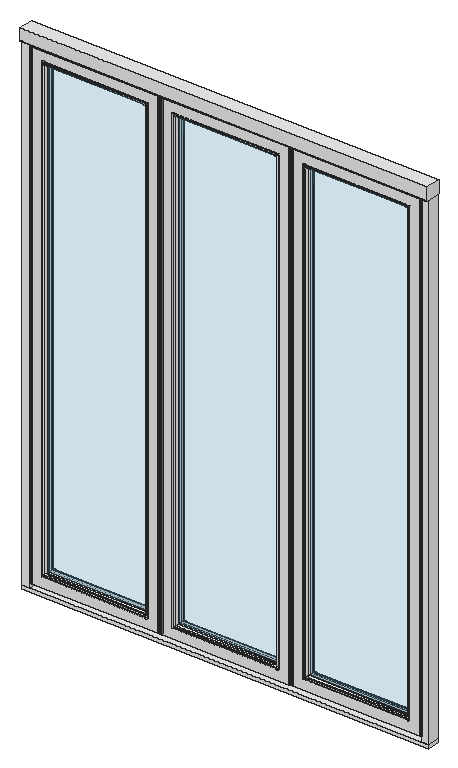
Revit family "98131", category Windows, host Wall, Revit 2018 (continued)
Definition of nested family "Header_WA-67"
  Definition of nested family "Header_Nana_Walls-WD-67"
    Lines and regions (in)
      model lines, in view "Ref. Level"
        curve 641: line (0.5315, -2.71654, 0) -> (0.7874, -2.71654, 0)
        curve 642: line (0.7874, -2.71654, 0) -> (0.7874, -2.66142, 0)
        curve 643: line (0.7874, -2.66142, 0) -> (0.82677, -2.66142, 0)
        curve 644: line (0.84646, -2.06388, 0) -> (0.84646, -1.43421, 0)
        curve 645: line (0.84646, -1.43421, 0) -> (0.83465, -1.29921, 0)
        curve 646: line (0.83465, -1.29921, 0) -> (0.83465, -0.8903, 0)
        curve 647: line (0.73326, -1.02362, 0) -> (0.6708, -1.02362, 0)
        curve 648: line (0.6708, -1.02362, 0) -> (0.65598, -1.0088, 0)
        curve 649: line (0.3622, -0.51575, 0) -> (0.07951, -0.51575, 0)
        curve 650: line (0.07951, -0.51575, 0) -> (0.05906, -0.50394, 0)
        curve 651: line (0.05906, -0.50394, 0) -> (0.0386, -0.51575, 0)
        curve 652: line (0.0386, -0.51575, 0) -> (-0.24409, -0.51575, 0)
        curve 653: line (0.5448, -1.0088, 0) -> (0.52998, -1.02362, 0)
        curve 654: line (0.52998, -1.02362, 0) -> (0.46752, -1.02362, 0)
        curve 655: line (0.40157, -0.70472, 0) -> (0.40157, -0.55512, 0)
        curve 656: line (0.83068, -0.33974, 0) -> (0.84154, -0.29921, 0)
        curve 657: line (0.84154, -0.29921, 0) -> (0.88583, -0.29921, 0)
        curve 658: line (0.88583, -0.29921, 0) -> (0.88583, -0.35433, 0)
        curve 659: line (0.88583, -0.35433, 0) -> (0.94488, -0.33851, 0)
        curve 660: line (0.94488, -0.33851, 0) -> (0.94488, 0, 0)
        curve 661: line (0.94488, 0, 0) -> (0.76386, 0, 0)
        curve 662: line (0.76386, 0, 0) -> (0.74803, -0.05906, 0)
        curve 663: line (0.74803, -0.05906, 0) -> (0.87402, -0.05906, 0)
        curve 664: line (0.87402, -0.05906, 0) -> (0.87402, -0.22047, 0)
        curve 665: line (0.87402, -0.22047, 0) -> (0.40157, -0.22047, 0)
        curve 666: line (0.40157, -0.22047, 0) -> (0.40157, -0.05906, 0)
        curve 667: line (0.40157, -0.05906, 0) -> (0.45276, -0.05906, 0)
        curve 668: line (0.45276, -0.05906, 0) -> (0.43693, 0, 0)
        curve 669: line (0.43693, 0, 0) -> (0.23622, 0, 0)
        curve 670: line (0.23622, 0, 0) -> (0.23622, -0.07087, 0)
        curve 671: line (0.32283, -0.22047, 0) -> (0.32283, -0.07087, 0)
        curve 672: line (0.32283, -0.07087, 0) -> (0.23622, -0.07087, 0)
        curve 673: line (0.84646, -2.34646, 0) -> (0.84646, -2.23209, 0)
        curve 674: line (0.84646, -2.23209, 0) -> (0.94488, -2.17526, 0)
        curve 675: line (0.94488, -2.17526, 0) -> (0.94488, -0.66543, 0)
        curve 676: line (0.94488, -0.66543, 0) -> (0.88583, -0.64961, 0)
        curve 677: line (0.88583, -0.64961, 0) -> (0.88583, -0.70472, 0)
        curve 678: line (0.88583, -0.70472, 0) -> (0.84154, -0.70472, 0)
        curve 679: line (0.84154, -0.70472, 0) -> (0.83068, -0.6642, 0)
        curve 680: line (0.81167, -0.64961, 0) -> (0.76772, -0.64961, 0)
        curve 681: line (0.76772, -0.64961, 0) -> (0.78249, -0.70472, 0)
        curve 682: line (0.78249, -0.70472, 0) -> (0.51181, -0.70472, 0)
        curve 683: line (0.51181, -0.70472, 0) -> (0.51181, -0.29921, 0)
        curve 684: line (0.51181, -0.29921, 0) -> (0.78249, -0.29921, 0)
        curve 685: line (0.78249, -0.29921, 0) -> (0.76772, -0.35433, 0)
        curve 686: line (0.76772, -0.35433, 0) -> (0.81167, -0.35433, 0)
        curve 769: line (-1.16142, -2.93307, 0) -> (-1.16142, -2.87402, 0)
        curve 770: line (-1.16142, -2.87402, 0) -> (-1.44488, -2.87402, 0)
        curve 771: line (-1.44488, -2.87402, 0) -> (-1.44488, -2.24606, 0)
        curve 772: line (-1.44488, -2.24606, 0) -> (-1.16142, -2.24606, 0)
        curve 773: line (-1.16142, -2.24606, 0) -> (-1.16142, -2.16732, 0)
        curve 774: line (-1.16142, -2.16732, 0) -> (-1.44488, -2.16732, 0)
        curve 775: line (-1.44488, -2.16732, 0) -> (-1.44488, -2.04528, 0)
        curve 776: line (-1.44488, -2.04528, 0) -> (-1.16142, -2.04528, 0)
        curve 777: line (-1.16142, -2.04528, 0) -> (-1.16142, -1.96654, 0)
        curve 778: line (-1.16142, -1.96654, 0) -> (-1.44488, -1.96654, 0)
        curve 779: line (-1.44488, -1.96654, 0) -> (-1.44488, -1.18307, 0)
        curve 780: line (-1.44488, -1.18307, 0) -> (-1.16142, -1.18307, 0)
        curve 781: line (-1.16142, -1.18307, 0) -> (-1.16142, -1.10433, 0)
        curve 782: line (-1.16142, -1.10433, 0) -> (-1.44488, -1.10433, 0)
        curve 783: line (-1.44488, -1.10433, 0) -> (-1.44488, -0.98228, 0)
        curve 784: line (-1.44488, -0.98228, 0) -> (-1.16142, -0.98228, 0)
        curve 785: line (-1.16142, -0.98228, 0) -> (-1.16142, -0.90354, 0)
        curve 786: line (-1.16142, -0.90354, 0) -> (-1.44488, -0.90354, 0)
        curve 787: line (-1.44488, -0.90354, 0) -> (-1.44488, -0.05906, 0)
        curve 788: line (-1.44488, -0.05906, 0) -> (-1.51575, -0.05906, 0)
        curve 789: line (-1.51575, -0.05906, 0) -> (-1.51575, -4.15354, 0)
        curve 790: line (-1.16142, -2.93307, 0) -> (-1.44488, -2.93307, 0)
        curve 791: line (-1.44488, -2.93307, 0) -> (-1.44488, -3.98425, 0)
        curve 792: line (-1.44488, -3.98425, 0) -> (-1.33858, -3.98425, 0)
        curve 793: line (-1.33858, -3.98425, 0) -> (-1.33858, -4.07087, 0)
        curve 794: line (-1.33858, -4.07087, 0) -> (-1.37795, -4.07087, 0)
        curve 795: line (-1.37795, -4.07087, 0) -> (-1.37795, -4.02362, 0)
        curve 796: line (-1.37795, -4.02362, 0) -> (-1.42913, -4.02362, 0)
        curve 797: line (-1.42913, -4.02362, 0) -> (-1.42913, -4.24016, 0)
        curve 798: line (-1.42913, -4.24016, 0) -> (-1.37795, -4.24016, 0)
        curve 799: line (-1.37795, -4.24016, 0) -> (-1.37795, -4.19291, 0)
        curve 800: line (-1.37795, -4.19291, 0) -> (-1.33858, -4.19291, 0)
        curve 801: line (-1.33858, -4.19291, 0) -> (-1.33858, -4.29134, 0)
Definition of nested family "DetailItem_Panel"
  Parameters
    Panel Thickness = 0' - 1 3/4"
    Panel Width = 0' - 11.81094"
    Assembly Code = ""
  Reference planes (in)
    plane 1 "Center (Front/Back)": y = -1.66017
    plane 2: z = 0
    plane 3 "Center (Left/Right)": x = 0.04527
    plane 4 "Right": x = 0.92027
    plane 5: x = -0.82973
    plane 6 "Back": y = 4.2453
    plane 7: y = -7.56564
  Lines and regions (in)
    detail lines, in view "Ref. Level"
      curve 1: line (-0.82973, 4.2453, 0) -> (-0.82973, -7.56564, 0)
      curve 2: line (-0.82973, 4.2453, 0) -> (0.92027, 4.2453, 0)
      curve 3: line (0.92027, 4.2453, 0) -> (0.92027, -7.56564, 0)
      curve 4: line (-0.82973, -7.56564, 0) -> (0.92027, -7.56564, 0)
  Dimensions and locks (in)
    equal spacing: plane 5, plane 3 "Center (Left/Right)", plane 4 "Right"
    "Panel Thickness": plane 5 to plane 4 "Right"
    equal spacing: plane 6 "Back", plane 1 "Center (Front/Back)", plane 7
    "Panel Width": plane 6 "Back" to plane 7
    aligned and locked: curve 1 to plane 5
    aligned and locked: curve 2 to plane 6 "Back"
    aligned and locked: curve 3 to plane 4 "Right"
    aligned and locked: curve 4 to plane 7
Types (2): name | Assembly Code
  (no name) | "B2030110"
  Standard | "B2050.1040"
